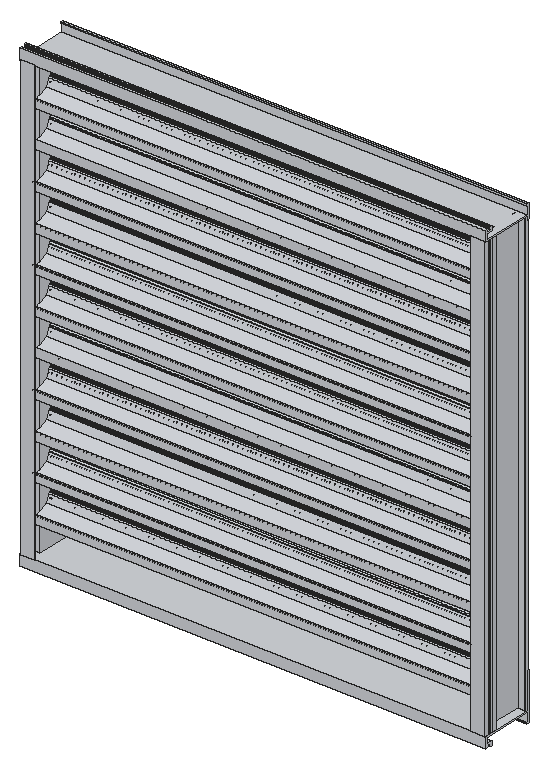
Revit family "FL-D-4", category Mechanical Equipment, Revit 2015
Parameters
  URL = "http://unitedenertech.com/catalog/pdf/A_2%20FL-D-4.pdf"
  Type Comments = "Max. Single Section Size is (120\"w  x  84\"h) or (84\"w  x  120\"h)"
  Number of Blades [instance] = rounddown((Exact Height - 0' 1 3/4") / Blade Spacing)  # 11
  Model = "FL-D-4"
  Manufacturer = "United Enertech Corporation"
  Exact Width = 3' - 0"
  Exact Height = 3' - 0"
  Description = "High Performance 4\" Fixed Louver"
  Depth = 0' - 4.162"
  Blade Spacing = 0' - 2.88"
  BW [instance] = Exact Width - 0' 1 11/16"  # 2' - 10 5/16"
Reference planes (in)
  plane 1 "Center (Front/Back)": y = 0
  plane 2: z = 0
  plane 3 "Center (Left/Right)": x = 0
  plane 4: x = 36
  plane 5: y = 4.162
  plane 6: z = 36
  plane 7: x = 18
  plane 8: x = 0.834
  plane 9: x = 35.166
  plane 10: z = 35.125
  plane 11: z = 0.875
Forms (in)
  Extrusion 1, solid
    sketch origin (0, 5.41283, 10.13547) x (0, 0, -1) y (0, 1, 0)
      loop
        line (10.13547, -4.83183) -> (9.81047, -4.83183) -> (9.81047, -5.33183) -> (9.34147, -5.33183) -> (9.34147, -1.33183) -> (10.05447, -1.33183) -> (10.05447, -1.43883) -> (10.13547, -1.43883) -> (10.13547, -1.25083) -> (6.46047, -1.25083) -> (6.46047, -1.33183) -> (9.26047, -1.33183) -> (9.26047, -5.41283) -> (10.06047, -5.41283) -> (10.06047, -5.19483) -> (9.97947, -5.19483) -> (9.97947, -5.33183) -> (9.89147, -5.33183) -> (9.89147, -4.91283) -> (9.97947, -4.91283) -> (9.97947, -4.97583) -> (10.06047, -4.97583) -> (10.06047, -4.91283) -> (10.13547, -4.91283) -> (10.13547, -4.83183)
    from 0 to 36
  Extrusion 2, solid
    sketch origin (0, -23.24382, 44.20622) x (0, 1, 0) y (0, 0, 1)
      loop
        line (23.74382, -8.20622) -> (23.74382, -8.28122) -> (23.68082, -8.28122) -> (23.68082, -8.36222) -> (23.74382, -8.36222) -> (23.74382, -8.45022) -> (23.32482, -8.45022) -> (23.32482, -8.36222) -> (23.46182, -8.36222) -> (23.46182, -8.28122) -> (23.24382, -8.28122) -> (23.24382, -9.08122) -> (27.32482, -9.08122) -> (27.32482, -9.33122) -> (27.40582, -9.33122) -> (27.40582, -8.20622) -> (27.21782, -8.20622) -> (27.21782, -8.28722) -> (27.32482, -8.28722) -> (27.32482, -9.00022) -> (23.32482, -9.00022) -> (23.32482, -8.53122) -> (23.82482, -8.53122) -> (23.82482, -8.20622) -> (23.74382, -8.20622)
    from 0 to 36
  Extrusion 3, solid
    sketch origin (-8.88505, 11.19335, 0) x (1, 0, 0) y (0, 1, 0)
      loop
        line (10.01005, -11.11235) -> (9.71905, -11.11235) -> (9.71905, -11.00535) -> (9.63805, -11.00535) -> (9.63805, -11.11235) -> (9.18105, -11.11235) -> (9.18105, -10.61235) -> (9.01205, -10.61235) -> (9.01205, -10.27435) -> (9.71905, -10.27435) -> (9.71905, -7.16235) -> (10.01005, -7.16235) -> (10.01005, -7.11235) -> (8.88505, -7.11235) -> (8.88505, -7.30035) -> (8.96605, -7.30035) -> (8.96605, -7.19335) -> (9.63805, -7.19335) -> (9.63805, -10.19335) -> (8.93105, -10.19335) -> (8.93105, -10.61235) -> (8.88505, -10.61235) -> (8.88505, -10.69335) -> (8.93105, -10.69335) -> (8.93105, -10.75535) -> (9.01205, -10.75535) -> (9.01205, -10.69335) -> (9.10005, -10.69335) -> (9.10005, -11.11235) -> (9.01205, -11.11235) -> (9.01205, -10.97435) -> (8.93105, -10.97435) -> (8.93105, -11.19335) -> (10.01005, -11.19335) -> (10.01005, -11.11235)
    from 0.875 to 35.125
  Extrusion 4, solid
    sketch origin (58.3602, 6.89713, 0) x (-1, 0, 0) y (0, -1, 0)
      loop
        line (23.4852, 2.81613) -> (23.4852, 2.86613) -> (23.1942, 2.86613) -> (23.1942, 5.97813) -> (22.4872, 5.97813) -> (22.4872, 6.31613) -> (22.6562, 6.31613) -> (22.6562, 6.81613) -> (23.1132, 6.81613) -> (23.1132, 6.70913) -> (23.1942, 6.70913) -> (23.1942, 6.81613) -> (23.4852, 6.81613) -> (23.4852, 6.89713) -> (22.4062, 6.89713) -> (22.4062, 6.67813) -> (22.4872, 6.67813) -> (22.4872, 6.81613) -> (22.5752, 6.81613) -> (22.5752, 6.39713) -> (22.4872, 6.39713) -> (22.4872, 6.45913) -> (22.4062, 6.45913) -> (22.4062, 6.39713) -> (22.3602, 6.39713) -> (22.3602, 6.31613) -> (22.4062, 6.31613) -> (22.4062, 5.89713) -> (23.1132, 5.89713) -> (23.1132, 2.89713) -> (22.4412, 2.89713) -> (22.4412, 3.00413) -> (22.3602, 3.00413) -> (22.3602, 2.81613) -> (23.4852, 2.81613)
    from 0.875 to 35.125
Dimensions and locks (in)
  "Exact Width": plane 3 "Center (Left/Right)" to plane 4
  "Depth": plane 5 to plane 1 "Center (Front/Back)"  (x2)
  "Exact Width": plane 4 to plane 3 "Center (Left/Right)"
  equal spacing: plane 3 "Center (Left/Right)", plane 7, plane 4
  locked: plane 3 "Center (Left/Right)" to plane 8 at 0.834
  locked: plane 9 to plane 4 at 0.834
  "Exact Height": plane 6 to level
  locked: plane 11 to level at 0.875
  locked: plane 6 to plane 10 at 0.875
  equal spacing: group 1, group 2, group 3, group 4, group 5, group 6, group 7, group 8, group 9, group 10, group 11  (x2)
  equal spacing: group 11, group 10, group 9, group 8, group 7, group 6, group 5, group 4, group 3, group 2, group 1
  "Blade Spacing": nested 2 to nested 1
  aligned and locked: level to plane 2
  aligned and locked: level to Extrusion 1
  aligned and locked: plane 5 to Extrusion 1
  aligned and locked: plane 4 to Extrusion 1
  aligned and locked: Extrusion 1 to plane 3 "Center (Left/Right)"
  aligned and locked: plane 6 to Extrusion 2  (x2)
  aligned and locked: Extrusion 2 to plane 3 "Center (Left/Right)"
  aligned and locked: plane 4 to Extrusion 2
  aligned and locked: Extrusion 3 to plane 11
  aligned and locked: plane 10 to Extrusion 3
  aligned and locked: Extrusion 3 to Extrusion 3  (x3)
  aligned and locked: Extrusion 4 to plane 11
  aligned and locked: plane 10 to Extrusion 4
  aligned and locked: plane 4 to Extrusion 4
  aligned and locked: Extrusion 3 to Extrusion 2
  aligned and locked: Extrusion 4 to Extrusion 2
  aligned and locked: Extrusion 2 to plane 10
  aligned and locked: nested 1 to Extrusion 2
  aligned and locked: plane 7 to nested 1
  aligned and locked: nested 2 to nested 1
Automatic sketch dimensions
  Extrusion 1 sketch curve to plane 5 = 0' - 0"
  plane 11 to Extrusion 1 sketch curve = 0' - 0"
  Extrusion 1 sketch curve to plane 1 "Center (Front/Back)" = 0' - 0"
  Extrusion 1 sketch curve to level = 0' - 0"  (x2)
  plane 11 to Extrusion 1 sketch curve = 0' - 2.8"
  Extrusion 1 sketch curve to Extrusion 1 sketch curve = 0' - 0.081"  (x3)
  level to Extrusion 1 sketch curve = 0' - 0.325"
  Extrusion 1 sketch curve to Extrusion 1 sketch curve = 0' - 0.088"  (x2)
  level to Extrusion 1 sketch curve = 0' - 0.081"
  level to Extrusion 1 sketch curve = 0' - 0.075"  (x2)
  Extrusion 1 sketch curve to plane 1 "Center (Front/Back)" = 0' - 0.081"  (x2)
  Extrusion 1 sketch curve to Extrusion 1 sketch curve = 0' - 0.137"
  Extrusion 1 sketch curve to Extrusion 1 sketch curve = 0' - 0.219"
  Extrusion 1 sketch curve to Extrusion 1 sketch curve = 0' - 0.063"  (x2)
  Extrusion 1 sketch curve to plane 5 = 0' - 0.188"
  Extrusion 1 sketch curve to plane 5 = 0' - 0.081"
  Extrusion 1 sketch curve to Extrusion 1 sketch curve = 0' - 0"
  Extrusion 2 sketch curve to plane 1 "Center (Front/Back)" = 0' - 0"
  Extrusion 2 sketch curve to plane 6 = 0' - 0"  (x2)
  plane 10 to Extrusion 2 sketch curve = 0' - 0"
  Extrusion 2 sketch curve to plane 5 = 0' - 0"
  Extrusion 2 sketch curve to plane 1 "Center (Front/Back)" = 0' - 0.081"  (x2)
  Extrusion 2 sketch curve to Extrusion 2 sketch curve = 0' - 0.137"
  Extrusion 2 sketch curve to plane 6 = 0' - 0.075"  (x2)
  Extrusion 2 sketch curve to Extrusion 2 sketch curve = 0' - 0.219"
  Extrusion 2 sketch curve to Extrusion 2 sketch curve = 0' - 0.063"  (x2)
  Extrusion 2 sketch curve to Extrusion 2 sketch curve = 0' - 0.081"  (x3)
  Extrusion 2 sketch curve to plane 5 = 0' - 0.188"
  Extrusion 2 sketch curve to plane 5 = 0' - 0.081"
  Extrusion 2 sketch curve to Extrusion 2 sketch curve = 0' - 0"
  Extrusion 2 sketch curve to Extrusion 2 sketch curve = 0' - 0 1/4"  (x2)
  plane 10 to Extrusion 2 sketch curve = 0' - 0.081"
  Extrusion 2 sketch curve to Extrusion 2 sketch curve = 0' - 0.088"
  Extrusion 2 sketch curve to plane 6 = 0' - 0.081"
  Extrusion 3 sketch curve to plane 3 "Center (Left/Right)" = 0' - 0"  (x2)
  plane 1 "Center (Front/Back)" to Extrusion 3 sketch curve = 0' - 0"
  Extrusion 3 sketch curve to plane 8 = 0' - 0"  (x2)
  Extrusion 3 sketch curve to Extrusion 3 sketch curve = 0' - 0.046"  (x2)
  plane 3 "Center (Left/Right)" to Extrusion 3 sketch curve = 0' - 0.046"
  plane 3 "Center (Left/Right)" to Extrusion 3 sketch curve = 0' - 0.081"
  Extrusion 3 sketch curve to Extrusion 3 sketch curve = 0' - 0.081"  (x8)
  Extrusion 3 sketch curve to Extrusion 3 sketch curve = 0' - 0.088"
  plane 8 to Extrusion 3 sketch curve = 0' - 0.081"
  Extrusion 3 sketch curve to plane 1 "Center (Front/Back)" = 0' - 0.081"  (x3)
  Extrusion 3 sketch curve to plane 8 = 0' - 0.291"  (x2)
  Extrusion 3 sketch curve to plane 5 = 0' - 0.131"
  Extrusion 3 sketch curve to Extrusion 3 sketch curve = 0' - 0.107"  (x2)
  Extrusion 3 sketch curve to Extrusion 3 sketch curve = 0' - 0.138"
  Extrusion 3 sketch curve to Extrusion 3 sketch curve = 0' - 0.219"
  Extrusion 3 sketch curve to Extrusion 3 sketch curve = 0' - 0.062"  (x2)
  Extrusion 3 sketch curve to Extrusion 3 sketch curve = 0' - 0.338"
  Extrusion 3 sketch curve to plane 5 = 0' - 0.269"
  Extrusion 3 sketch curve to plane 5 = 0' - 0.081"
  plane 1 "Center (Front/Back)" to Extrusion 4 sketch curve = 0' - 4.081"
  Extrusion 4 sketch curve to plane 7 = 1' - 6"
  Extrusion 4 sketch curve to Extrusion 4 sketch curve = 0' - 0"  (x4)
  Extrusion 4 sketch curve to Extrusion 4 sketch curve = 0' - 0.046"  (x3)
  Extrusion 4 sketch curve to Extrusion 4 sketch curve = 0' - 0.081"  (x10)
  Extrusion 4 sketch curve to Extrusion 4 sketch curve = 0' - 0.088"
  Extrusion 4 sketch curve to Extrusion 4 sketch curve = 0' - 0.457"  (x2)
  Extrusion 4 sketch curve to Extrusion 4 sketch curve = 0' - 0.291"  (x2)
  Extrusion 4 sketch curve to Extrusion 4 sketch curve = 0' - 0.05"
  Extrusion 4 sketch curve to Extrusion 4 sketch curve = 0' - 0.031"
  Extrusion 4 sketch curve to Extrusion 4 sketch curve = 0' - 0.107"  (x2)
  Extrusion 4 sketch curve to Extrusion 4 sketch curve = 0' - 2.893"
  Extrusion 4 sketch curve to Extrusion 4 sketch curve = 0' - 0.338"
  Extrusion 4 sketch curve to Extrusion 4 sketch curve = 0' - 0.062"
  Extrusion 4 sketch curve to Extrusion 4 sketch curve = 0' - 0.219"
  Extrusion 4 sketch curve to Extrusion 4 sketch curve = 0' - 0.393"
  Extrusion 4 sketch curve to Extrusion 4 sketch curve = 0' - 0.138"
Nested families (in)
  nested 1: "FL-D-4 Blade" at (18, 0.3493, 15.61688), type "FL-D-4 Blade"
    with Blade Width 2' - 10 5/16"
  nested 2: "FL-D-4 Blade" at (18, 0.3493, 12.73688), type "FL-D-4 Blade"
    with Blade Width 2' - 10 5/16"
  nested 3: "FL-D-4 Blade" at (18, 0.3493, 9.85688), type "FL-D-4 Blade"
    with Blade Width 2' - 10 5/16"
  nested 4: "FL-D-4 Blade" at (18, 0.3493, 6.97688), type "FL-D-4 Blade"
    with Blade Width 2' - 10 5/16"
  nested 5: "FL-D-4 Blade" at (18, 0.3493, 4.09688), type "FL-D-4 Blade"
    with Blade Width 2' - 10 5/16"
  nested 6: "FL-D-4 Blade" at (18, 0.3493, 1.21688), type "FL-D-4 Blade"
    with Blade Width 2' - 10 5/16"
  nested 7: "FL-D-4 Blade" at (18, 0.3493, -1.66312), type "FL-D-4 Blade"
    with Blade Width 2' - 10 5/16"
  nested 8: "FL-D-4 Blade" at (18, 0.3493, -4.54312), type "FL-D-4 Blade"
    with Blade Width 2' - 10 5/16"
  nested 9: "FL-D-4 Blade" at (18, 0.3493, -7.42312), type "FL-D-4 Blade"
    with Blade Width 2' - 10 5/16"
  nested 10: "FL-D-4 Blade" at (18, 0.3493, -10.30312), type "FL-D-4 Blade"
    with Blade Width 2' - 10 5/16"
  nested 11: "FL-D-4 Blade" at (18, 0.3493, -13.18312), type "FL-D-4 Blade"
    with Blade Width 2' - 10 5/16"
Definition of nested family "FL-D-4 Blade"
  Parameters (values of type "FL-D-4 Blade")
    Blade Width = 4' - 6.19815"
  Reference planes (in)
    plane 1 "Center (Front/Back)": y = 0
    plane 2: z = 0
    plane 3 "Center (Left/Right)": x = 0
    plane 4: x = -27.09907
    plane 5: x = 27.09907
  Forms (in)
    Extrusion 1, solid
      sketch origin (-11.24135, 0, 24.75865) x (0, 0, -1) y (0, 1, 0)
        loop
          line (5.33614, 3.35356) -> (5.33614, 3.53626) -> (6.62642, 2.30569) -> (6.7468, 1.60406) -> (6.76429, 1.54071) -> (6.81533, 1.45231) -> (6.86923, 1.39922) -> (6.94907, 1.35312) -> (7.47705, 1.13985) -> (8.13612, -0.1873) -> (7.75527, -0.1873) -> (7.88248, -0.04929) -> (7.82292, 0.00561) -> (7.57046, -0.2683) -> (8.26678, -0.2683) -> (7.53854, 1.20237) -> (7.18055, 1.34698) -> (7.29039, 1.41039) -> (7.32267, 1.44268) -> (7.38609, 1.55251) -> (7.39841, 1.59925) -> (7.40403, 1.66003) -> (7.39045, 1.75389) -> (7.35969, 1.82553) -> (7.31418, 1.88677) -> (7.29077, 1.91167) -> (7.23064, 1.8693) -> (7.25517, 1.83128) -> (7.30413, 1.75539) -> (7.32085, 1.69299) -> (7.32085, 1.62706) -> (7.30413, 1.56467) -> (7.27117, 1.50757) -> (7.22549, 1.4619) -> (7.1684, 1.42893) -> (7.106, 1.41221) -> (7.04007, 1.41221) -> (6.97767, 1.42893) -> (6.92058, 1.4619) -> (6.8749, 1.50757) -> (6.84194, 1.56467) -> (6.82522, 1.62706) -> (6.82522, 1.69299) -> (6.84194, 1.75539) -> (6.8749, 1.81249) -> (6.92058, 1.85816) -> (6.99971, 1.90121) -> (6.97998, 1.97485) -> (6.93893, 1.96265) -> (6.87801, 1.92748) -> (6.81171, 1.86318) -> (6.78995, 1.83157) -> (6.70172, 2.34581) -> (5.25053, 3.72984) -> (5.25053, 3.35356) -> (5.33614, 3.35356)
      from -15.85773 to 38.34042
  Dimensions and locks (in)
    equal spacing: plane 5, plane 3 "Center (Left/Right)", plane 4
    "Blade Width": plane 5 to plane 4
    aligned and locked: level to plane 2
    aligned and locked: plane 5 to Extrusion 1
    aligned and locked: Extrusion 1 to plane 4
  Automatic sketch dimensions
    Extrusion 1 sketch curve to plane 1 "Center (Front/Back)" = 0' - 3.35356"
    level to Extrusion 1 sketch curve = 1' - 7.50812"
    Extrusion 1 sketch curve to Extrusion 1 sketch curve = 0' - 0.08561"
    Extrusion 1 sketch curve to plane 1 "Center (Front/Back)" = 0' - 2.30569"
    Extrusion 1 sketch curve to Extrusion 1 sketch curve = 0' - 1.29028"
    Extrusion 1 sketch curve to plane 1 "Center (Front/Back)" = 0' - 2.34581"
    Extrusion 1 sketch curve to Extrusion 1 sketch curve = 0' - 0.0753"
    Extrusion 1 sketch curve to plane 1 "Center (Front/Back)" = 0' - 1.60406"
    Extrusion 1 sketch curve to Extrusion 1 sketch curve = 0' - 0.12038"
    Extrusion 1 sketch curve to plane 1 "Center (Front/Back)" = 0' - 1.54071"
    Extrusion 1 sketch curve to Extrusion 1 sketch curve = 0' - 0.01749"
    Extrusion 1 sketch curve to plane 1 "Center (Front/Back)" = 0' - 1.83157"
    Extrusion 1 sketch curve to Extrusion 1 sketch curve = 0' - 0.04315"
    Extrusion 1 sketch curve to plane 1 "Center (Front/Back)" = 0' - 1.86318"
    Extrusion 1 sketch curve to Extrusion 1 sketch curve = 0' - 0.02176"
    Extrusion 1 sketch curve to plane 1 "Center (Front/Back)" = 0' - 1.45231"
    Extrusion 1 sketch curve to Extrusion 1 sketch curve = 0' - 0.05104"
    Extrusion 1 sketch curve to Extrusion 1 sketch curve = 0' - 0.07842"
    Extrusion 1 sketch curve to plane 1 "Center (Front/Back)" = 0' - 1.75539"  (x2)
    Extrusion 1 sketch curve to Extrusion 1 sketch curve = 0' - 0.01672"  (x3)
    Extrusion 1 sketch curve to plane 1 "Center (Front/Back)" = 0' - 1.56467"  (x2)
    Extrusion 1 sketch curve to plane 1 "Center (Front/Back)" = 0' - 1.39922"
    Extrusion 1 sketch curve to Extrusion 1 sketch curve = 0' - 0.0539"
    Extrusion 1 sketch curve to plane 1 "Center (Front/Back)" = 0' - 1 13/16"
    Extrusion 1 sketch curve to Extrusion 1 sketch curve = 0' - 0.03296"  (x3)
    Extrusion 1 sketch curve to plane 1 "Center (Front/Back)" = 0' - 1.50757"  (x2)
    Extrusion 1 sketch curve to plane 1 "Center (Front/Back)" = 0' - 1.92748"
    Extrusion 1 sketch curve to Extrusion 1 sketch curve = 0' - 0.06631"
    Extrusion 1 sketch curve to plane 1 "Center (Front/Back)" = 0' - 1.85816"
    Extrusion 1 sketch curve to Extrusion 1 sketch curve = 0' - 0.04568"  (x3)
    Extrusion 1 sketch curve to plane 1 "Center (Front/Back)" = 0' - 1.4619"  (x2)
    Extrusion 1 sketch curve to plane 1 "Center (Front/Back)" = 0' - 1.96265"
    Extrusion 1 sketch curve to Extrusion 1 sketch curve = 0' - 0.06091"
    Extrusion 1 sketch curve to plane 1 "Center (Front/Back)" = 0' - 1.35312"
    Extrusion 1 sketch curve to Extrusion 1 sketch curve = 0' - 0.07984"
    Extrusion 1 sketch curve to plane 1 "Center (Front/Back)" = 0' - 1.42893"  (x2)
    Extrusion 1 sketch curve to Extrusion 1 sketch curve = 0' - 0.0571"  (x2)
    Extrusion 1 sketch curve to plane 1 "Center (Front/Back)" = 0' - 1.97485"
    Extrusion 1 sketch curve to Extrusion 1 sketch curve = 0' - 0.04106"
    Extrusion 1 sketch curve to plane 1 "Center (Front/Back)" = 0' - 1.90121"
    Extrusion 1 sketch curve to Extrusion 1 sketch curve = 0' - 0.01973"
    Extrusion 1 sketch curve to plane 1 "Center (Front/Back)" = 0' - 1.41221"
    Extrusion 1 sketch curve to Extrusion 1 sketch curve = 0' - 0.0624"  (x5)
    Extrusion 1 sketch curve to Extrusion 1 sketch curve = 0' - 0.06593"
    Extrusion 1 sketch curve to plane 1 "Center (Front/Back)" = 0' - 1.34698"
    Extrusion 1 sketch curve to Extrusion 1 sketch curve = 0' - 0.01215"
    Extrusion 1 sketch curve to plane 1 "Center (Front/Back)" = 0' - 1.8693"
    Extrusion 1 sketch curve to Extrusion 1 sketch curve = 0' - 0.23092"
    Extrusion 1 sketch curve to plane 1 "Center (Front/Back)" = 0' - 1.83128"
    Extrusion 1 sketch curve to Extrusion 1 sketch curve = 0' - 0.02453"
    Extrusion 1 sketch curve to plane 1 "Center (Front/Back)" = 0' - 1.41039"
    Extrusion 1 sketch curve to Extrusion 1 sketch curve = 0' - 0.0649"
    Extrusion 1 sketch curve to plane 1 "Center (Front/Back)" = 0' - 1.91167"
    Extrusion 1 sketch curve to Extrusion 1 sketch curve = 0' - 0.06013"
    Extrusion 1 sketch curve to Extrusion 1 sketch curve = 0' - 0.04897"
    Extrusion 1 sketch curve to plane 1 "Center (Front/Back)" = 0' - 1.88677"
    Extrusion 1 sketch curve to Extrusion 1 sketch curve = 0' - 0.02341"
    Extrusion 1 sketch curve to plane 1 "Center (Front/Back)" = 0' - 1.69299"
    Extrusion 1 sketch curve to plane 1 "Center (Front/Back)" = 0' - 1.44268"
    Extrusion 1 sketch curve to Extrusion 1 sketch curve = 0' - 0.03228"
    Extrusion 1 sketch curve to plane 1 "Center (Front/Back)" = 0' - 1.82553"
    Extrusion 1 sketch curve to Extrusion 1 sketch curve = 0' - 0.04551"
    Extrusion 1 sketch curve to plane 1 "Center (Front/Back)" = 0' - 1.55251"
    Extrusion 1 sketch curve to Extrusion 1 sketch curve = 0' - 0.08195"
    Extrusion 1 sketch curve to plane 1 "Center (Front/Back)" = 0' - 1 193/256"
    Extrusion 1 sketch curve to Extrusion 1 sketch curve = 0' - 0.03076"
    Extrusion 1 sketch curve to plane 1 "Center (Front/Back)" = 0' - 1.59925"
    Extrusion 1 sketch curve to Extrusion 1 sketch curve = 0' - 0.01232"
    Extrusion 1 sketch curve to plane 1 "Center (Front/Back)" = 0' - 1.66003"
    Extrusion 1 sketch curve to Extrusion 1 sketch curve = 0' - 0.00563"
    Extrusion 1 sketch curve to plane 1 "Center (Front/Back)" = 0' - 1.13985"
    Extrusion 1 sketch curve to Extrusion 1 sketch curve = 0' - 0.18667"
    Extrusion 1 sketch curve to plane 1 "Center (Front/Back)" = 0' - 1.20237"
    Extrusion 1 sketch curve to Extrusion 1 sketch curve = 0' - 0.06149"
    plane 1 "Center (Front/Back)" to Extrusion 1 sketch curve = 0' - 0.2683"
    Extrusion 1 sketch curve to Extrusion 1 sketch curve = 0' - 0.09341"
    plane 1 "Center (Front/Back)" to Extrusion 1 sketch curve = 0' - 0.1873"
    Extrusion 1 sketch curve to Extrusion 1 sketch curve = 0' - 0.18481"
    Extrusion 1 sketch curve to plane 1 "Center (Front/Back)" = 0' - 0.00561"
    Extrusion 1 sketch curve to Extrusion 1 sketch curve = 0' - 0.06764"
    Extrusion 1 sketch curve to Extrusion 1 sketch curve = 0' - 0.25364"
    Extrusion 1 sketch curve to Extrusion 1 sketch curve = 0' - 0.13066"
    Extrusion 1 sketch curve to Extrusion 1 sketch curve = 0' - 0.1827"
    Extrusion 1 sketch curve to Extrusion 1 sketch curve = 0' - 0.19358"
